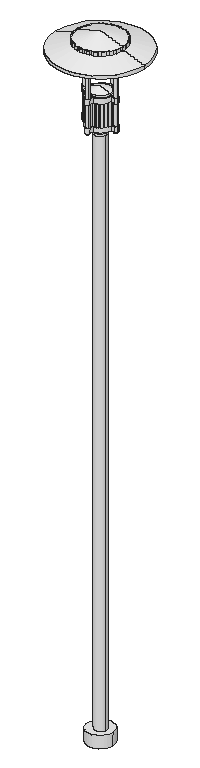
Revit family "BNS1", category Lighting Fixtures, Revit 2013
Parameters
  Wattage Comments = "60 LEDs, 66 W"  # constant formula
  Wattage = 12.1178 W
  built-in parameter 1150110 = 1 (stored number, unit not read)
  Voltage = 120 V
  URL = "http://www.kimlighting.com/"
  Type Comments = "Lighting Fixture"  # constant formula
  Total Pole Height = 192"
  built-in parameter 1114217 = 1 (stored number, unit not read)
  Tilt Angle = 90.00°
  built-in parameter 1150109 = 1 (stored number, unit not read)
  built-in parameter 1150134 = (empty or 0)
  built-in parameter 1150113 = 1 (stored number, unit not read)
  Series = "Bounce"  # constant formula
  Revision Date = "10/16/2017"  # constant formula
  Product Page URL = "http://www.kimlighting.com/products/bounce"
  Product Documentation Link = "http://www.kimlighting.com/content/products/specs/specs_files/kl_bns1eled_spec.pdf"
  Power Factor = 1  # constant formula
  Pole Visible = yes
  Photometric Web Link = "http://www.kimlighting.com/products/bounce"
  Photometric Web File = "bns1h1e35-60l4k.ies"
  Photometric Notes = "More IES files download on Photometric Web Link"  # constant formula
  OmniClass Title = "Street and Roadway Lighting"  # constant formula
  OmniClass Number = "23-80 70 14 21"  # constant formula
  Number of Poles = 1
  Note Visible = yes
  Note Text = "LF"  # constant formula
  Model = "BNS 1"  # constant formula
  MasterFormat Title = "Parking Lighting, Site Lighting, Walkway Lighting"  # constant formula
  MasterFormat Number = "26 56 16, 26 56 19, 26 56 29"  # constant formula
  Manufacturer Phone = "626-968-5666"  # constant formula
  Manufacturer Fax = "626-369-2695"  # constant formula
  Manufacturer = "Kim Lighting"  # constant formula
  Lumens = 1800 lm
  built-in parameter 1150115 = 1 (stored number, unit not read)
  built-in parameter 1150105 = -4998600 (stored number, unit not read)
  Load Classification = Lighting
  built-in parameter 1150137 = (empty or 0)
  built-in parameter 1150139 = (empty or 0)
  built-in parameter 1150112 = 1 (stored number, unit not read)
  built-in parameter 1150114 = 1 (stored number, unit not read)
  Lamp = "LED"  # constant formula
  Inside Material = Metal-Kim Lighting-Aluminum-Reflective
  Initial Lumens = 0 lm
  built-in parameter 1150132 = 2
  built-in parameter 1150102 = (empty or 0)
  built-in parameter 1150138 = (empty or 0)
  built-in parameter 1150107 = 3000 (stored number, unit not read)
  built-in parameter 1150106 = -49986 (stored number, unit not read)
  Housing Material = Metal-Kim Lighting-Aluminum Alloy
  Glass Material = Glass-Kim Lighting-Clear
  Full Load Current = 0 A
  Finish = "All colors shall be a Super TGIC thermoset polyester powder coat paint"
  Emit from Circle Diameter = 8"  # constant formula
  Emit Shape Visible in Rendering = no
  built-in parameter 1150104 = 13.8 (stored number, unit not read)
  Dimming Lamp Color Temperature Shift = <None>
  Description = "Site/ Roadway Luminaire"  # constant formula
  Color Filter = 16777215
  Pole Material = Metal-Kim Lighting-Aluminum Alloy
  built-in parameter 1114218 = 1 (stored number, unit not read)
  built-in parameter 1150133 = 10 (stored number, unit not read)
  Assembly Code = "D5020200"
  Apparent Load = 0 VA
Reference planes (in)
  plane 1 "Light Source Axis (F/B)": y = 0
  plane 2 "Bottom": z = 0
  plane 3 "Light Source Axis (L/R)": x = 0
  plane 4 "Light Source Elevation": z = 215.25
  plane 5: z = 195
  plane 6: z = 202.5
  plane 7 "Bottom of Head": z = 192
  plane 8 "1": x = -6.5
  plane 9: x = 0
  plane 10: x = 0
  plane 11: x = 0
  plane 12: y = 0
  plane 13: x = 6.5
  plane 14 "Left": x = -15.5
  plane 15 "Right": x = 15.5
  plane 16: z = 216.5
  plane 17: x = -8
  plane 18: x = 8
  plane 19: z = 217.5
  plane 20 "Top": z = 220.68421
  plane 21: z = 205.5
  plane 22: z = 204
  plane 23: z = 193.5
  plane 24: x = -5.5
  plane 25: x = 5.5
  plane 26: x = -2.5
  plane 27: x = 2.5
  plane 28: z = 193
  plane 29: z = 192.75
  plane 30: z = 204.42994
  plane 31: z = 214.5
  plane 32: y = 5.5
  plane 33: y = -5.5
  plane 34: z = 216
  plane 35: z = 219.67105
  plane 36: z = 215.25
Forms (in)
  Revolve 1, solid, material "Metal-Kim Lighting-Aluminum Alloy" <- "Housing Material", detail levels medium+fine
    sketch origin (0, 0, 152) x (1, 0, 0) y (0, 0, 1)
      loop
        line (0, 71) -> (-8, 68.68421) -> (-8, 67.67105) -> (-15.5, 65.5) -> (-15.5, 64.5) -> (-5.5, 64.5) -> (-5.5, 67.67105) -> (0, 67.67105) -> (0, 71)
      axis (0, 71) -> (0, 64.5)
    angle from 0 to 360
  Blend 2, solid, material "Metal-Kim Lighting-Aluminum Alloy" <- "Housing Material", detail levels medium+fine
    base sketch origin (-1.58884, -180, 193.5) x (0, -1, 0) y (1, 0, 0)
      loop
        line (-179.15738, -4.01169) -> (-179.15738, -2.83894)
        arc (-179.15738, -2.83894) -> (-176.78812, -1.59492) -> (-175.5441, 0.77434) r 4.5
        line (-175.5441, 0.77434) -> (-174.37135, 0.77434)
        arc (-174.37135, 0.77434) -> (-173.55863, 1.58706) -> (-174.37135, 2.39978) r 0.81272
        line (-174.37135, 2.39978) -> (-175.5441, 2.39978)
        arc (-175.5441, 2.39978) -> (-176.78812, 4.76904) -> (-179.15738, 6.01306) r 4.5
        line (-179.15738, 6.01306) -> (-179.15738, 7.18581)
        arc (-179.15738, 7.18581) -> (-179.9701, 7.99854) -> (-180.78282, 7.18581) r 0.81272
        line (-180.78282, 7.18581) -> (-180.78282, 6.01306)
        arc (-180.78282, 6.01306) -> (-183.15208, 4.76904) -> (-184.3961, 2.39978) r 4.5
        line (-184.3961, 2.39978) -> (-185.56885, 2.39978)
        arc (-185.56885, 2.39978) -> (-186.38036, 1.54255) -> (-185.47997, 0.77921) r 0.81272
        line (-185.47997, 0.77921) -> (-184.397, 0.77921)
        arc (-184.397, 0.77921) -> (-183.15383, -1.59317) -> (-180.78282, -2.83894) r 4.5
        line (-180.78282, -2.83894) -> (-180.78282, -4.01169)
        arc (-180.78282, -4.01169) -> (-179.9701, -4.82441) -> (-179.15738, -4.01169) r 0.81272
    top sketch origin (-1.58884, -180, 193.5) x (0, -1, 0) y (1, 0, 0)
      loop
        line (-179.15738, -4.01169) -> (-179.15738, -2.83894)
        arc (-179.15738, -2.83894) -> (-176.78812, -1.59492) -> (-175.5441, 0.77434) r 4.5
        line (-175.5441, 0.77434) -> (-174.37135, 0.77434)
        arc (-174.37135, 0.77434) -> (-173.55863, 1.58706) -> (-174.37135, 2.39978) r 0.81272
        line (-174.37135, 2.39978) -> (-175.5441, 2.39978)
        arc (-175.5441, 2.39978) -> (-176.78812, 4.76904) -> (-179.15738, 6.01306) r 4.5
        line (-179.15738, 6.01306) -> (-179.15738, 7.18581)
        arc (-179.15738, 7.18581) -> (-179.9701, 7.99854) -> (-180.78282, 7.18581) r 0.81272
        line (-180.78282, 7.18581) -> (-180.78282, 6.01306)
        arc (-180.78282, 6.01306) -> (-183.15208, 4.76904) -> (-184.3961, 2.39978) r 4.5
        line (-184.3961, 2.39978) -> (-185.56885, 2.39978)
        arc (-185.56885, 2.39978) -> (-186.38036, 1.54255) -> (-185.47997, 0.77921) r 0.81272
        line (-185.47997, 0.77921) -> (-184.397, 0.77921)
        arc (-184.397, 0.77921) -> (-183.15383, -1.59317) -> (-180.78282, -2.83894) r 4.5
        line (-180.78282, -2.83894) -> (-180.78282, -4.01169)
        arc (-180.78282, -4.01169) -> (-179.9701, -4.82441) -> (-179.15738, -4.01169) r 0.81272
    from 0 to 1.5
  Blend 3, solid, material "Metal-Kim Lighting-Aluminum Alloy" <- "Housing Material", detail levels medium+fine
    base sketch origin (-12.21521, -180, 202.5) x (-1, 0, 0) y (0, -1, 0)
      loop
        line (-6.61468, -179.15738) -> (-7.78744, -179.15738)
        arc (-7.78744, -179.15738) -> (-9.03146, -176.78812) -> (-11.40071, -175.5441) r 4.5
        line (-11.40071, -175.5441) -> (-11.40071, -174.37135)
        arc (-11.40071, -174.37135) -> (-12.21344, -173.55863) -> (-13.02616, -174.37135) r 0.81272
        line (-13.02616, -174.37135) -> (-13.02616, -175.5441)
        arc (-13.02616, -175.5441) -> (-15.39542, -176.78812) -> (-16.63944, -179.15738) r 4.5
        line (-16.63944, -179.15738) -> (-17.81219, -179.15738)
        arc (-17.81219, -179.15738) -> (-18.62491, -179.9701) -> (-17.81219, -180.78282) r 0.81272
        line (-17.81219, -180.78282) -> (-16.63944, -180.78282)
        arc (-16.63944, -180.78282) -> (-15.39542, -183.15208) -> (-13.02616, -184.3961) r 4.5
        line (-13.02616, -184.3961) -> (-13.02616, -185.56885)
        arc (-13.02616, -185.56885) -> (-12.16893, -186.38036) -> (-11.40559, -185.47997) r 0.81272
        line (-11.40559, -185.47997) -> (-11.40559, -184.397)
        arc (-11.40559, -184.397) -> (-9.03321, -183.15383) -> (-7.78744, -180.78282) r 4.5
        line (-7.78744, -180.78282) -> (-6.61468, -180.78282)
        arc (-6.61468, -180.78282) -> (-5.80196, -179.9701) -> (-6.61468, -179.15738) r 0.81272
    top sketch origin (-12.21521, -180, 202.5) x (-1, 0, 0) y (0, -1, 0)
      loop
        line (-6.61468, -179.15738) -> (-7.78744, -179.15738)
        arc (-7.78744, -179.15738) -> (-9.03146, -176.78812) -> (-11.40071, -175.5441) r 4.5
        line (-11.40071, -175.5441) -> (-11.40071, -174.37135)
        arc (-11.40071, -174.37135) -> (-12.21344, -173.55863) -> (-13.02616, -174.37135) r 0.81272
        line (-13.02616, -174.37135) -> (-13.02616, -175.5441)
        arc (-13.02616, -175.5441) -> (-15.39542, -176.78812) -> (-16.63944, -179.15738) r 4.5
        line (-16.63944, -179.15738) -> (-17.81219, -179.15738)
        arc (-17.81219, -179.15738) -> (-18.62491, -179.9701) -> (-17.81219, -180.78282) r 0.81272
        line (-17.81219, -180.78282) -> (-16.63944, -180.78282)
        arc (-16.63944, -180.78282) -> (-15.39542, -183.15208) -> (-13.02616, -184.3961) r 4.5
        line (-13.02616, -184.3961) -> (-13.02616, -185.56885)
        arc (-13.02616, -185.56885) -> (-12.16893, -186.38036) -> (-11.40559, -185.47997) r 0.81272
        line (-11.40559, -185.47997) -> (-11.40559, -184.397)
        arc (-11.40559, -184.397) -> (-9.03321, -183.15383) -> (-7.78744, -180.78282) r 4.5
        line (-7.78744, -180.78282) -> (-6.61468, -180.78282)
        arc (-6.61468, -180.78282) -> (-5.80196, -179.9701) -> (-6.61468, -179.15738) r 0.81272
    from 0 to 1.5
  Revolve 4, solid, material "Metal-Kim Lighting-Aluminum Alloy" <- "Housing Material", detail levels medium+fine
    sketch origin (0, 0, 0) x (1, 0, 0) y (0, 0, 1)
      loop
        line (0, 205.5) -> (-3.5, 204.42994) -> (-3.5, 204) -> (-4.25, 204) -> (-4.25, 193.5) -> (-3.5, 193.5) -> (-3.5, 193) -> (-2.5, 192.75) -> (-2.5, 192) -> (0, 192) -> (0, 205.5)
      axis (0, 205.5) -> (0, 192)
    angle from 0 to 360
  Revolve 5, solid, material "Metal-Kim Lighting-Aluminum Alloy" <- "Housing Material"
    sketch origin (0, 0, 0) x (1, 0, 0) y (0, 0, 1)
      loop
        line (-5.5, 216) -> (-6.41325, 216) -> (-6.41325, 214.5) -> (-6, 214.5) -> (-6, 193) -> (-5.5, 193) -> (-5.5, 216)
      axis (-5.5, 216) -> (-5.5, 193)
    angle from 0 to 360
  Revolve 6, solid, material "Metal-Kim Lighting-Aluminum Alloy" <- "Housing Material"
    sketch origin (11, 0, 0) x (1, 0, 0) y (0, 0, 1)
      loop
        line (-5.5, 216) -> (-6.41325, 216) -> (-6.41325, 214.5) -> (-6, 214.5) -> (-6, 193) -> (-5.5, 193) -> (-5.5, 216)
      axis (-5.5, 216) -> (-5.5, 193)
    angle from 0 to 360
  Revolve 7, solid, material "Metal-Kim Lighting-Aluminum Alloy" <- "Housing Material"
    sketch origin (-7.03767, 5.5, 48) x (-1, 0, 0) y (0, 0, 1)
      loop
        line (-7.03767, 168) -> (-7.03767, 145) -> (-6.53767, 145) -> (-6.53767, 166.5) -> (-6.12442, 166.5) -> (-6.12442, 168) -> (-7.03767, 168)
      axis (-7.03767, 168) -> (-7.03767, 145)
    angle from 0 to 360
  Revolve 8, solid, material "Metal-Kim Lighting-Aluminum Alloy" <- "Housing Material"
    sketch origin (-7.03767, -5.5, 48) x (-1, 0, 0) y (0, 0, 1)
      loop
        line (-7.03767, 168) -> (-7.03767, 145) -> (-6.53767, 145) -> (-6.53767, 166.5) -> (-6.12442, 166.5) -> (-6.12442, 168) -> (-7.03767, 168)
      axis (-7.03767, 168) -> (-7.03767, 145)
    angle from 0 to 360
  Revolve 9, solid, material "Metal-Kim Lighting-Aluminum Alloy" <- "Housing Material", detail levels medium+fine
    sketch origin (0, 0, 0) x (1, 0, 0) y (0, 0, 1)
      loop
        line (4.43334, 216.5) -> (4.43334, 216) -> (8, 216) -> (8, 216.5) -> (4.43334, 216.5)
      axis (0, 216.5) -> (0, 216)
    angle from 0 to 360
  Revolve 10, solid, material "Metal-Kim Lighting-Aluminum-Reflective" <- "Inside Material", detail levels fine
    sketch origin (-0.45062, -0.20767, 14.13481) x (1, 0, 0) y (0, 0, 1)
      loop
        line (0.45062, 206.31438) -> (1.96822, 206.31438) -> (2.47825, 205.26912) -> (3.92917, 205.26912) -> (4.90533, 204.29344) -> (4.90533, 202.36519) -> (5.95062, 202.36519) -> (5.95062, 202.46675) -> (5.00689, 202.46675) -> (5.00689, 204.34172) -> (3.95686, 205.39124) -> (2.56978, 205.39124) -> (2.06978, 206.41594) -> (0.45062, 206.41594) -> (0.45062, 206.31438)
      axis (0.45062, 206.41594) -> (0.45062, 202.36519)
    angle from 0 to 360
  Revolve 11, solid, material "Metal-Kim Lighting-Aluminum-Reflective" <- "Inside Material", not visible, detail levels fine
    sketch origin (-0.37069, -0.20767, 13.47767) x (1, 0, 0) y (0, 0, 1)
      loop
        line (0.37069, 206.97153) -> (3.47874, 206.97153) -> (3.65238, 206.67077) -> (4.50625, 206.67077) -> (5.76251, 203.02233) -> (5.86992, 203.02233) -> (4.57869, 206.77233) -> (3.71102, 206.77233) -> (3.53738, 207.07309) -> (0.37069, 207.07309) -> (0.37069, 206.97153)
      axis (0.37069, 207.07309) -> (0.37069, 203.02233)
    angle from 0 to 360
  Revolve 12, solid, material "Glass-Kim Lighting-Clear" <- "Glass Material", not visible, detail levels medium+fine
    sketch origin (0, 0, 0) x (1, 0, 0) y (0, 0, 1)
      loop
        line (0, 216.25) -> (-4.43334, 216.25) -> (-4.43334, 216) -> (0, 216) -> (0, 216.25)
      axis (0, 216.25) -> (0, 216)
    angle from 0 to 360
  Revolve 13, solid, material "Metal-Kim Lighting-Aluminum Alloy" <- "Housing Material", detail levels coarse
    sketch origin (0, 0, 0) x (1, 0, 0) y (0, 0, 1)
      loop
        line (0, 223) -> (-15.5, 216.5) -> (0, 216.5) -> (0, 223)
      axis (0, 223) -> (0, 216.5)
    angle from 0 to 360
  Revolve 14, solid, material "Metal-Kim Lighting-Aluminum Alloy" <- "Housing Material", detail levels coarse
    sketch origin (0, 0, 0) x (1, 0, 0) y (0, 0, 1)
      loop
        line (-5.5, 204) -> (-5.5, 193.5) -> (-2.5, 193.5) -> (-2.5, 192) -> (0, 192) -> (0, 204) -> (-5.5, 204)
      axis (0, 204) -> (0, 192)
    angle from 0 to 360
  Extrusion 15, solid, material "Metal-Kim Lighting-Aluminum Alloy" <- "Housing Material", detail levels fine
    sketch origin (-2.875, -180, 195) x (0, -1, 0) y (-1, 0, 0)
      loop
        line (-184.30234, -2.58591) -> (-184.5, -2.58591) -> (-184.5, -3.16409) -> (-184.30234, -3.16409) -> (-184.23056, -3.70929) -> (-184.42149, -3.76045) -> (-184.27184, -4.31893) -> (-184.08092, -4.26777) -> (-183.87048, -4.77581) -> (-184.04166, -4.87464) -> (-183.75257, -5.37536) -> (-183.58139, -5.27653) -> (-183.24663, -5.71279) -> (-183.3864, -5.85256) -> (-182.97756, -6.2614) -> (-182.83779, -6.12163) -> (-182.40153, -6.45639) -> (-182.50036, -6.62757) -> (-181.99964, -6.91666) -> (-181.90081, -6.74548) -> (-181.39277, -6.95592) -> (-181.44393, -7.14684) -> (-180.88545, -7.29649) -> (-180.83429, -7.10556) -> (-180.28909, -7.17734) -> (-180.28909, -7.375) -> (-179.71091, -7.375) -> (-179.71091, -7.17734) -> (-179.16442, -7.1104) -> (-179.11455, -7.29649) -> (-178.55607, -7.14684) -> (-178.60723, -6.95592) -> (-178.09919, -6.74548) -> (-178.00036, -6.91666) -> (-177.49964, -6.62757) -> (-177.59847, -6.45639) -> (-177.16221, -6.12163) -> (-177.02244, -6.2614) -> (-176.6136, -5.85256) -> (-176.75337, -5.71279) -> (-176.41861, -5.27653) -> (-176.24743, -5.37536) -> (-175.95834, -4.87464) -> (-176.12952, -4.77581) -> (-175.91908, -4.26777) -> (-175.72816, -4.31893) -> (-175.57851, -3.76045) -> (-175.76944, -3.70929) -> (-175.69766, -3.16409) -> (-175.5, -3.16409) -> (-175.5, -2.58591) -> (-175.69766, -2.58591) -> (-175.76944, -2.04071) -> (-175.57851, -1.98955) -> (-175.72816, -1.43107) -> (-175.91908, -1.48223) -> (-176.12952, -0.97419) -> (-175.95834, -0.87536) -> (-176.24743, -0.37464) -> (-176.41861, -0.47347) -> (-176.75337, -0.03721) -> (-176.6136, 0.10256) -> (-177.02244, 0.5114) -> (-177.16221, 0.37163) -> (-177.59847, 0.70639) -> (-177.49964, 0.87757) -> (-178.00036, 1.16666) -> (-178.09919, 0.99548) -> (-178.60723, 1.20592) -> (-178.55607, 1.39684) -> (-179.11455, 1.54649) -> (-179.16571, 1.35556) -> (-179.71091, 1.42734) -> (-179.71091, 1.625) -> (-180.28909, 1.625) -> (-180.28909, 1.42734) -> (-180.83429, 1.35556) -> (-180.88545, 1.54649) -> (-181.44393, 1.39684) -> (-181.39277, 1.20592) -> (-181.90081, 0.99548) -> (-181.99964, 1.16666) -> (-182.50036, 0.87757) -> (-182.40153, 0.70639) -> (-182.83779, 0.37163) -> (-182.97756, 0.5114) -> (-183.3864, 0.10256) -> (-183.24663, -0.03721) -> (-183.58139, -0.47347) -> (-183.75257, -0.37464) -> (-184.04166, -0.87536) -> (-183.87048, -0.97419) -> (-184.08092, -1.48223) -> (-184.27184, -1.43107) -> (-184.42149, -1.98955) -> (-184.23056, -2.04071) -> (-184.30234, -2.58591)
    from 0 to -7.5
  Extrusion 16, solid, material "Metal-Kim Lighting-Aluminum Alloy" <- "Housing Material", detail levels fine
    sketch origin (0, 31.00597, 219.67105) x (0, 1, 0) y (-1, 0, 0)
      loop
        line (-23.2104, 0.52381) -> (-23.34046, 1.51168) -> (-22.99451, 1.60437) -> (-23.26565, 2.6163) -> (-23.6116, 2.52361) -> (-23.99291, 3.44415) -> (-23.68273, 3.62322) -> (-24.20655, 4.5305) -> (-24.51672, 4.35142) -> (-25.12328, 5.1419) -> (-24.87003, 5.39516) -> (-25.61081, 6.13594) -> (-25.86406, 5.88269) -> (-26.65455, 6.48925) -> (-26.47547, 6.79942) -> (-27.38275, 7.32323) -> (-27.56182, 7.01306) -> (-28.48236, 7.39436) -> (-28.38967, 7.74032) -> (-29.4016, 8.01146) -> (-29.49429, 7.66551) -> (-30.48216, 7.79556) -> (-30.48216, 8.15372) -> (-31.52978, 8.15372) -> (-31.52978, 7.79556) -> (-32.51764, 7.66551) -> (-32.61034, 8.01146) -> (-33.62227, 7.74032) -> (-33.52957, 7.39436) -> (-34.45012, 7.01306) -> (-34.62919, 7.32323) -> (-35.53646, 6.79942) -> (-35.35739, 6.48925) -> (-36.14787, 5.88269) -> (-36.40113, 6.13594) -> (-37.14191, 5.39516) -> (-36.88866, 5.1419) -> (-37.49522, 4.35142) -> (-37.80539, 4.5305) -> (-38.3292, 3.62322) -> (-38.01903, 3.44415) -> (-38.40033, 2.52361) -> (-38.74628, 2.6163) -> (-39.01743, 1.60437) -> (-38.67148, 1.51168) -> (-38.80153, 0.52381) -> (-39.15969, 0.52381) -> (-39.15969, -0.52381) -> (-38.80153, -0.52381) -> (-38.67148, -1.51168) -> (-39.01743, -1.60437) -> (-38.74628, -2.6163) -> (-38.40033, -2.52361) -> (-38.01903, -3.44415) -> (-38.3292, -3.62322) -> (-37.80539, -4.5305) -> (-37.49522, -4.35142) -> (-36.88866, -5.1419) -> (-37.14191, -5.39516) -> (-36.40113, -6.13594) -> (-36.14787, -5.88269) -> (-35.35739, -6.48925) -> (-35.53646, -6.79942) -> (-34.62919, -7.32323) -> (-34.45012, -7.01306) -> (-33.52957, -7.39436) -> (-33.62227, -7.74032) -> (-32.61034, -8.01146) -> (-32.51999, -7.67427) -> (-31.52978, -7.79556) -> (-31.52978, -8.15372) -> (-30.48216, -8.15372) -> (-30.48216, -7.79556) -> (-29.49429, -7.66551) -> (-29.4016, -8.01146) -> (-28.38967, -7.74032) -> (-28.48236, -7.39436) -> (-27.56182, -7.01306) -> (-27.38275, -7.32323) -> (-26.47547, -6.79942) -> (-26.65455, -6.48925) -> (-25.86406, -5.88269) -> (-25.61081, -6.13594) -> (-24.87003, -5.39516) -> (-25.12328, -5.1419) -> (-24.51672, -4.35142) -> (-24.20655, -4.5305) -> (-23.68273, -3.62322) -> (-23.99291, -3.44415) -> (-23.6116, -2.52361) -> (-23.26565, -2.6163) -> (-22.99451, -1.60437) -> (-23.34046, -1.51168) -> (-23.2104, -0.52381) -> (-22.85225, -0.52381) -> (-22.85225, 0.52381) -> (-23.2104, 0.52381)
    from 0 to 1.01316
Lines and regions (in)
  symbolic lines
    curve 1: circle (0, 0, 0) r 15.5 normal (0, 0, 1)
  symbolic lines, detail levels coarse
    curve 2: line (-15.5, 0, 0) -> (15.5, 0, 0)
    curve 3: line (0, 15.5, 0) -> (0, -15.5, 0)
    curve 4: line (-5.5, 0, 192) -> (5.5, 0, 192)
    curve 5: line (0, 0, 223) -> (-15.5, 0, 216.5)
    curve 6: line (-15.5, 0, 216.5) -> (-5.5, 0, 192)
    curve 7: line (5.5, 0, 192) -> (15.5, 0, 216.5)
    curve 8: line (-15.5, 0, 216.5) -> (10.5, 0, 204.25)
    curve 9: line (15.5, 0, 216.5) -> (-10.5, 0, 204.25)
    curve 10: line (15.5, 0, 216.5) -> (0, 0, 223)
    curve 69: line (0, 0, 223) -> (0, 15.5, 216.5)
    curve 70: line (0, 15.5, 216.5) -> (0, 5.5, 192)
    curve 71: line (0, 5.5, 192) -> (0, -5.5, 192)
    curve 72: line (0, -5.5, 192) -> (0, -15.5, 216.5)
    curve 73: line (0, -15.5, 216.5) -> (0, 0, 223)
    curve 74: line (0, 15.5, 216.5) -> (0, -10.5, 204.25)
    curve 75: line (0, -15.5, 216.5) -> (0, 10.5, 204.25)
  symbolic lines, detail levels medium+fine
    curve 11: line (0, 0, 223) -> (-8, 0, 220.68421)
    curve 12: line (-8, 0, 220.68421) -> (-8, 0, 219.64516)
    curve 13: line (-8, 0, 219.64516) -> (-15.5, 0, 217.5)
    curve 14: line (-15.5, 0, 217.5) -> (-15.5, 0, 216.5)
    curve 15: line (-15.5, 0, 216.5) -> (-8, 0, 216.5)
    curve 16: line (15.5, 0, 216.5) -> (15.5, 0, 217.5)
    curve 17: line (15.5, 0, 217.5) -> (8, 0, 219.67105)
    curve 18: line (8, 0, 219.67105) -> (8, 0, 220.68421)
    curve 19: line (8, 0, 220.68421) -> (0, 0, 223)
    curve 20: line (-8, 0, 216.5) -> (-8, 0, 216)
    curve 21: line (-8.25, 0, 216) -> (8, 0, 216)
    curve 22: line (8, 0, 216) -> (8, 0, 216.5)
    curve 23: line (-6.41325, 0, 216) -> (-6.41325, 0, 214.5)
    curve 24: line (-6.41325, 0, 214.5) -> (-4.58675, 0, 214.5)
    curve 25: line (-4.58675, 0, 214.5) -> (-4.58675, 0, 216)
    curve 26: line (-0.91325, 0, 216) -> (-0.91325, 0, 214.5)
    curve 27: line (-0.91325, 0, 214.5) -> (0.91325, 0, 214.5)
    curve 28: line (0.91325, 0, 214.5) -> (0.91325, 0, 216)
    curve 29: line (4.58675, 0, 216) -> (4.58675, 0, 214.5)
    curve 30: line (4.58675, 0, 214.5) -> (6.41325, 0, 214.5)
    curve 31: line (6.41325, 0, 214.5) -> (6.41325, 0, 216)
    curve 32: line (-6, 0, 214.5) -> (-6, 0, 193)
    curve 33: line (-6, 0, 193) -> (-5, 0, 193)
    curve 34: line (-5, 0, 193) -> (-5, 0, 214.5)
    curve 35: line (-0.5, 0, 214.5) -> (-0.5, 0, 193)
    curve 36: line (-0.5, 0, 193) -> (0.5, 0, 193)
    curve 37: line (0.5, 0, 193) -> (0.5, 0, 214.5)
    curve 38: line (5, 0, 214.5) -> (5, 0, 193)
    curve 39: line (5, 0, 193) -> (6, 0, 193)
    curve 40: line (6, 0, 193) -> (6, 0, 214.5)
    curve 41: line (-6.41325, 0, 204) -> (6.4097, 0, 204)
    curve 42: line (-6.41325, 0, 202.5) -> (-6.41325, 0, 204)
    curve 43: line (6.4097, 0, 202.5) -> (-6.41325, 0, 202.5)
    curve 44: line (6.4097, 0, 204) -> (6.4097, 0, 202.5)
    curve 45: line (-6.41325, 0, 193.5) -> (-6.41325, 0, 195)
    curve 46: line (6.4097, 0, 193.5) -> (-6.41325, 0, 193.5)
    curve 47: line (6.4097, 0, 195) -> (6.4097, 0, 193.5)
    curve 48: line (-3.5, 0, 193.5) -> (-3.5, 0, 193)
    curve 49: line (-3.5, 0, 193) -> (-2.5, 0, 192.75)
    curve 50: line (-2.5, 0, 192.75) -> (-2.5, 0, 192)
    curve 51: line (-2.5, 0, 192) -> (2.5, 0, 192)
    curve 52: line (2.5, 0, 192) -> (2.5, 0, 192.75)
    curve 53: line (2.5, 0, 192.75) -> (3.5, 0, 193)
    curve 54: line (3.5, 0, 193) -> (3.5, 0, 193.5)
    curve 55: line (-4.23056, 0, 202.5) -> (-4.23056, 0, 195)
    curve 56: line (4.23056, 0, 202.5) -> (4.23056, 0, 195)
    curve 67: line (8, 0, 216.5) -> (15.5, 0, 216.5)
    curve 76: line (0, 0, 223) -> (0, 8.02839, 220.68421)
    curve 77: line (0, 8.02839, 220.68421) -> (0, 8.02839, 219.63326)
    curve 78: line (0, 8.02839, 219.63326) -> (0, 15.5, 217.5)
    curve 79: line (0, 15.5, 217.5) -> (0, 15.5, 216.5)
    curve 80: line (0, 15.5, 216.5) -> (0, 8, 216.5)
    curve 81: line (0, 8, 216.5) -> (0, 8, 216)
    curve 82: line (0, 8, 216) -> (0, -8, 216)
    curve 83: line (0, -8, 216) -> (0, -8, 216.5)
    curve 84: line (0, -8, 216.5) -> (0, -15.5, 216.5)
    curve 85: line (0, -15.5, 216.5) -> (0, -15.5, 217.5)
    curve 86: line (0, -15.5, 217.5) -> (0, -7.99149, 219.67105)
    curve 87: line (0, -7.99149, 219.67105) -> (0, -7.99149, 220.68421)
    curve 88: line (0, -7.99149, 220.68421) -> (0, 0, 223)
    curve 89: line (0, 6.41649, 216) -> (0, 6.41649, 214.5)
    curve 90: line (0, 6.41649, 214.5) -> (0, 4.58675, 214.5)
    curve 91: line (0, 4.58675, 214.5) -> (0, 4.58675, 216)
    curve 92: line (0, 5.99581, 214.5) -> (0, 5.99581, 193)
    curve 93: line (0, 5.99581, 193) -> (0, 5, 193)
    curve 94: line (0, 5, 193) -> (0, 5, 214.5)
    curve 95: line (0, 0.91117, 216) -> (0, 0.91117, 214.5)
    curve 96: line (0, 0.91117, 214.5) -> (0, -0.91325, 214.5)
    curve 97: line (0, -0.91325, 214.5) -> (0, -0.91325, 216)
    curve 98: line (0, 0.50491, 214.5) -> (0, 0.50491, 193)
    curve 99: line (0, 0.50491, 193) -> (0, -0.5, 193)
    curve 100: line (0, -0.5, 193) -> (0, -0.5, 214.5)
    curve 101: line (0, -4.5834, 216) -> (0, -4.5834, 214.5)
    curve 102: line (0, -4.5834, 214.5) -> (0, -6.41126, 214.5)
    curve 103: line (0, -6.41126, 214.5) -> (0, -6.41126, 216)
    curve 104: line (0, -4.99965, 214.5) -> (0, -4.99965, 193)
    curve 105: line (0, -4.99965, 193) -> (0, -6, 193)
    curve 106: line (0, -6, 193) -> (0, -6, 214.5)
    curve 107: line (0, 6.38158, 204) -> (0, -6.44137, 204)
    curve 108: line (0, 6.38158, 202.5) -> (0, 6.38158, 204)
    curve 109: line (0, -6.44137, 202.5) -> (0, 6.38158, 202.5)
    curve 110: line (0, -6.44137, 204) -> (0, -6.44137, 202.5)
    curve 111: line (0, 6.38158, 195) -> (0, -6.44137, 195)
    curve 112: line (0, 6.38158, 193.5) -> (0, 6.38158, 195)
    curve 113: line (0, -6.44137, 193.5) -> (0, 6.38158, 193.5)
    curve 114: line (0, -6.44137, 195) -> (0, -6.44137, 193.5)
    curve 115: line (0, 4.30234, 202.5) -> (0, 4.30234, 195)
    curve 116: line (0, -4.42149, 202.5) -> (0, -4.42149, 195)
    curve 117: line (0, 3.5, 193.5) -> (0, 3.5, 193)
    curve 118: line (0, 3.5, 193) -> (0, 2.5, 192.75)
    curve 119: line (0, 2.5, 192.75) -> (0, 2.5, 192)
    curve 120: line (0, 2.5, 192) -> (0, -2.5, 192)
    curve 121: line (0, -2.5, 192) -> (0, -2.5, 192.75)
    curve 122: line (0, -2.5, 192.75) -> (0, -3.5, 193)
    curve 123: line (0, -3.5, 193) -> (0, -3.5, 193.5)
    curve 129: circle (0, 0, 0) r 8 normal (0, 0, 1)
    curve 134: line (6.4097, 0, 195) -> (-6.41325, 0, 195)
  symbolic lines, detail levels fine
    curve 57: line (-3.5, 0, 204) -> (-3.5, 0, 204.42994)
    curve 58: line (-3.5, 0, 204.42994) -> (-0.5, 0, 205.34713)
    curve 59: line (-3.5, 0, 204.42994) -> (-0.5, 0, 204.42994)
    curve 60: line (3.5, 0, 204) -> (3.5, 0, 204.42994)
    curve 61: line (3.5, 0, 204.42994) -> (0.5, 0, 205.34713)
    curve 62: line (3.5, 0, 204.42994) -> (0.5, 0, 204.42994)
    curve 63: line (-3.5, 0, 193) -> (3.5, 0, 193)
    curve 64: line (-15.5, 0, 217.5) -> (15.5, 0, 217.5)
    curve 65: line (-8, 0, 219.64516) -> (8, 0, 219.64516)
    curve 66: line (-8, 0, 220.68421) -> (8, 0, 220.68421)
    curve 68: line (-8, 0, 216.5) -> (8, 0, 216.5)
    curve 124: line (0, 8.02839, 220.68421) -> (0, -7.99149, 220.68421)
    curve 125: line (0, -7.99149, 219.67105) -> (0, 8.00851, 219.67105)
    curve 126: line (0, 15.5, 217.5) -> (0, -15.5, 217.5)
    curve 127: line (0, 8, 216.5) -> (0, -8, 216.5)
    curve 128: line (0, 3.5, 193) -> (0, -3.5, 193)
    curve 130: circle (-5.5, 0, 0) r 0.91325 normal (0, 0, 1)
    curve 131: circle (0, 5.5, 0) r 0.91325 normal (0, 0, 1)
    curve 132: circle (5.5, 0, 0) r 0.91325 normal (0, 0, 1)
    curve 133: circle (0, -5.5, 0) r 0.91325 normal (0, 0, 1)
Dimensions and locks (in)
  plane 8 "1" to Revolve 14 sketch curve = 1"
  equal spacing: plane 14 "Left", plane 3 "Light Source Axis (L/R)", plane 15 "Right"
  locked: plane 14 "Left" to plane 15 "Right" at 31
  plane 17 to plane 3 "Light Source Axis (L/R)" to plane 18 = 8" locked, 8" locked
  plane 8 "1" to plane 3 "Light Source Axis (L/R)" to plane 13 = 6 1/2" locked, 6 1/2" locked
  plane 24 to plane 3 "Light Source Axis (L/R)" to plane 25 = 5 1/2" locked, 5 1/2" locked
  plane 26 to plane 3 "Light Source Axis (L/R)" to plane 27 = 2 1/2" locked, 2 1/2" locked
  plane 32 to plane 1 "Light Source Axis (F/B)" to plane 33 = 5 1/2" locked, 5 1/2" locked
  locked: plane 36 to plane 7 "Bottom of Head" at 23.25
  locked: plane 16 to plane 7 "Bottom of Head" at 24.5
  locked: plane 20 "Top" to plane 7 "Bottom of Head" at 28.68421
  "Total Pole Height": plane 7 "Bottom of Head" to plane 2 "Bottom"
  locked: plane 29 to plane 7 "Bottom of Head" at 0.75
  locked: plane 28 to plane 7 "Bottom of Head" at 1
  locked: plane 23 to plane 7 "Bottom of Head" at 1.5
  locked: plane 6 to plane 7 "Bottom of Head" at 10.5
  locked: plane 34 to plane 7 "Bottom of Head" at 24
  locked: plane 5 to plane 7 "Bottom of Head" at 3
  locked: plane 19 to plane 7 "Bottom of Head" at 25.5
  locked: plane 35 to plane 7 "Bottom of Head" at 27.67105
  locked: plane 22 to plane 7 "Bottom of Head" at 12
  locked: plane 30 to plane 7 "Bottom of Head" at 12.42994
  locked: plane 21 to plane 7 "Bottom of Head" at 13.5
  locked: plane 31 to plane 7 "Bottom of Head" at 22.5
  aligned and locked: plane 4 "Light Source Elevation" to imposter light
  aligned and locked: plane 11 to nested 1
  aligned and locked: Revolve 1 sketch curve to plane 24
  aligned and locked: plane 17 to Revolve 1 sketch curve
  aligned and locked: plane 20 "Top" to Revolve 1
  aligned and locked: plane 20 "Top" to Revolve 1 sketch curve
  aligned and locked: plane 35 to Revolve 1
  aligned and locked: Revolve 9 sketch curve to plane 18
  aligned and locked: plane 16 to Revolve 13 sketch curve  (x2)
  aligned and locked: plane 14 "Left" to Revolve 13 sketch curve
  aligned and locked: Revolve 13 sketch curve to plane 11
  aligned and locked: Revolve 13 sketch curve to Revolve 13 sketch curve  (x3)
  aligned and locked: plane 11 to Revolve 14 sketch curve
  aligned and locked: Revolve 14 sketch curve to plane 22
  aligned and locked: plane 23 to Revolve 14 sketch curve
  aligned and locked: Revolve 14 sketch curve to plane 26
  aligned and locked: plane 7 "Bottom of Head" to Revolve 14 sketch curve
  aligned and locked: Revolve 14 sketch curve to Revolve 14 sketch curve
  aligned and locked: Revolve 1 sketch curve to plane 16
  aligned and locked: Revolve 9 sketch curve to plane 16
  aligned and locked: plane 34 to Revolve 9 sketch curve
  aligned and locked: plane 34 to Revolve 8 sketch curve  (x2)
  aligned and locked: Revolve 8 sketch curve to plane 31
  aligned and locked: plane 28 to Revolve 8 sketch curve  (x2)
  aligned and locked: plane 34 to Revolve 7 sketch curve
  aligned and locked: Revolve 7 sketch curve to plane 31
  aligned and locked: plane 28 to Revolve 7 sketch curve
  aligned and locked: plane 34 to Revolve 5 sketch curve
  aligned and locked: Revolve 5 sketch curve to plane 31
  aligned and locked: plane 28 to Revolve 5 sketch curve
  aligned and locked: plane 34 to Revolve 6 sketch curve
  aligned and locked: Revolve 6 sketch curve to plane 31
  aligned and locked: plane 28 to Revolve 6 sketch curve
  aligned and locked: plane 22 to Revolve 4 sketch curve
  aligned and locked: plane 30 to Revolve 4 sketch curve
  aligned and locked: plane 21 to Revolve 4 sketch curve
  aligned and locked: plane 23 to Revolve 4 sketch curve
  aligned and locked: plane 28 to Revolve 4 sketch curve
  aligned and locked: plane 29 to Revolve 4 sketch curve
  aligned and locked: plane 7 "Bottom of Head" to Revolve 4 sketch curve
  aligned and locked: Revolve 4 sketch curve to plane 26
  aligned and locked: plane 11 to Revolve 4 sketch curve
  aligned and locked: curve 2 to Revolve 1
  aligned and locked: curve 3 to plane 3 "Light Source Axis (L/R)"
  aligned and locked: curve 33 to Revolve 5
  aligned and locked: curve 24 to plane 31
  aligned and locked: curve 27 to plane 31
  aligned and locked: curve 30 to plane 31
  aligned and locked: curve 39 to Revolve 6
  aligned and locked: curve 41 to Blend 3
  aligned and locked: Blend 3 to curve 44
  aligned and locked: Blend 2 to curve 47
  aligned and locked: curve 64 to Revolve 1
  aligned and locked: curve 68 to plane 16
  aligned and locked: curve 71 to plane 7 "Bottom of Head"
  aligned and locked: Revolve 1 to curve 72
  aligned and locked: Revolve 9 to curve 84
  aligned and locked: plane 31 to curve 90
  aligned and locked: Revolve 7 to curve 93
  aligned and locked: plane 31 to curve 96
  aligned and locked: curve 104 to Revolve 8
  aligned and locked: curve 107 to Blend 3
  aligned and locked: curve 110 to Blend 3
  aligned and locked: curve 111 to Blend 2
  aligned and locked: curve 114 to Blend 2
  aligned and locked: curve 71 to curve 120
  aligned and locked: curve 128 to plane 28
  aligned and locked: plane 7 "Bottom of Head" to Revolve 14  (x2)
  aligned and locked: plane 7 "Bottom of Head" to Revolve 4
  aligned and locked: plane 4 "Light Source Elevation" to plane 36
  aligned and locked: plane 36 to imposter light
  aligned and locked: plane 3 "Light Source Axis (L/R)" to nested 2
  aligned and locked: plane 1 "Light Source Axis (F/B)" to nested 2
  aligned and locked: Revolve 1 sketch curve to plane 35
  aligned and locked: curve 134 to Blend 2
Automatic sketch dimensions
  curve 71 to plane 7 "Bottom of Head" = 0"
  curve 71 to plane 33 = 0"
  curve 121 to plane 29 = 0"
  curve 100 to plane 28 = 0"
  curve 76 to plane 1 "Light Source Axis (F/B)" = 0"
  curve 119 to plane 29 = 0"
  curve 71 to plane 32 = 0"
  plane 33 to curve 106 = 1/2"
  curve 102 to curve 106 = 0.41126"
  plane 33 to curve 107 = 0.94137"
  plane 33 to curve 111 = 0.94137"
  plane 33 to curve 87 = 2.49149"
  curve 82 to curve 103 = 1.58874"
  curve 74 to plane 30 = 0.17994"
  curve 74 to curve 107 = 4.05863"
  curve 104 to plane 33 = 0.50035"
  curve 101 to plane 33 = 0.9166"
  curve 116 to plane 33 = 1.07851"
  curve 104 to curve 122 = 1.49965"
  curve 122 to curve 120 = 1"
  plane 1 "Light Source Axis (F/B)" to curve 96 = 0.91325"
  curve 96 to curve 100 = 0.41325"
  curve 98 to plane 1 "Light Source Axis (F/B)" = 0.50491"
  curve 98 to curve 95 = 13/32"
  curve 98 to curve 120 = 1.99509"
  curve 119 to curve 120 = 0"
  curve 118 to curve 128 = 1"
  curve 115 to plane 32 = 1.19766"
  curve 91 to plane 32 = 0.91325"
  curve 94 to plane 32 = 1/2"
  plane 32 to curve 92 = 0.49581"
  curve 92 to curve 112 = 0.38577"
  plane 32 to curve 108 = 0.88158"
  plane 32 to curve 89 = 0.91649"
  curve 89 to curve 81 = 1.58351"
  plane 32 to curve 125 = 2.50851"
  curve 125 to curve 76 = 0.01988"
  curve 75 to plane 30 = 0.17994"
  curve 107 to curve 75 = 4.11842"
  curve 78 to plane 35 = 0.0378"
  curve 1 to curve 129 = 0"  (x2)
  curve 2 to plane 14 "Left" = 0"
  curve 130 to plane 1 "Light Source Axis (F/B)" = 0"
  curve 130 to plane 24 = 0"
  curve 129 to plane 1 "Light Source Axis (F/B)" = 0"
  curve 129 to plane 3 "Light Source Axis (L/R)" = 0"
  curve 131 to plane 3 "Light Source Axis (L/R)" = 0"
  curve 133 to plane 3 "Light Source Axis (L/R)" = 0"
  curve 132 to plane 1 "Light Source Axis (F/B)" = 0"
  curve 132 to plane 25 = 0"
  curve 133 to plane 33 = 0"
  curve 131 to plane 32 = 0"
  Revolve 4 sketch curve to plane 3 "Light Source Axis (L/R)" = 0"
  Revolve 4 sketch curve to plane 7 "Bottom of Head" = 0"
  Revolve 4 sketch curve to plane 21 = 0"
  Revolve 4 sketch curve to plane 26 = 1"  (x2)
  Revolve 4 sketch curve to Revolve 4 sketch curve = 3/4"
  Revolve 5 sketch curve to plane 24 = 0"  (x2)
  Revolve 5 sketch curve to plane 28 = 0"
  Revolve 5 sketch curve to plane 16 = 0"
  plane 8 "1" to Revolve 5 sketch curve = 1/2"
  plane 8 "1" to Revolve 5 sketch curve = 0.08675"
  Revolve 6 sketch curve to plane 25 = 0"  (x2)
  Revolve 6 sketch curve to plane 28 = 0"
  Revolve 6 sketch curve to plane 16 = 0"
  Revolve 6 sketch curve to plane 25 = 1/2"
  Revolve 6 sketch curve to Revolve 6 sketch curve = 0.41325"
  Revolve 7 sketch curve to plane 3 "Light Source Axis (L/R)" = 0"  (x2)
  Revolve 7 sketch curve to plane 28 = 0"
  Revolve 7 sketch curve to plane 16 = 0"
  Revolve 7 sketch curve to Revolve 7 sketch curve = 1/2"
  Revolve 7 sketch curve to Revolve 7 sketch curve = 0.91325"
  Revolve 8 sketch curve to plane 3 "Light Source Axis (L/R)" = 0"  (x2)
  Revolve 8 sketch curve to plane 28 = 0"
  Revolve 8 sketch curve to plane 16 = 0"
  Revolve 8 sketch curve to Revolve 8 sketch curve = 1/2"
  Revolve 8 sketch curve to Revolve 8 sketch curve = 0.91325"
  Revolve 9 sketch curve to plane 3 "Light Source Axis (L/R)" = 0"
  Revolve 9 sketch curve to plane 34 = 0"
  Revolve 9 sketch curve to plane 16 = 0"
  Revolve 9 sketch curve to plane 25 = 1.06666"
  Revolve 10 sketch curve to plane 3 "Light Source Axis (L/R)" = 0"  (x2)
  Revolve 10 sketch curve to plane 16 = 0"
  Revolve 10 sketch curve to plane 25 = 0"
  Revolve 10 sketch curve to plane 20 "Top" = 0.23502"
  plane 27 to Revolve 10 sketch curve = 0.9824"
  Revolve 10 sketch curve to Revolve 10 sketch curve = 13/128"  (x3)
  plane 27 to Revolve 10 sketch curve = 0.47237"
  Revolve 10 sketch curve to plane 35 = 0.145"
  Revolve 10 sketch curve to Revolve 10 sketch curve = 0.09153"
  Revolve 10 sketch curve to plane 35 = 0.26712"
  Revolve 10 sketch curve to plane 27 = 0.97855"
  Revolve 10 sketch curve to Revolve 10 sketch curve = 0.02769"
  Revolve 10 sketch curve to plane 25 = 1.04529"
  Revolve 10 sketch curve to plane 34 = 0.5624"
  plane 16 to Revolve 10 sketch curve = 13/128"
  plane 19 to Revolve 10 sketch curve = 0.92825"
  Revolve 10 sketch curve to Revolve 10 sketch curve = 0.04828"
  plane 20 "Top" to Revolve 10 sketch curve = 0.31779"
  Revolve 11 sketch curve to plane 3 "Light Source Axis (L/R)" = 0"  (x2)
  Revolve 11 sketch curve to plane 16 = 0"
  Revolve 11 sketch curve to plane 20 "Top" = 0.23502"
  Revolve 11 sketch curve to plane 27 = 0.60805"
  Revolve 11 sketch curve to plane 20 "Top" = 0.13345"
  Revolve 11 sketch curve to Revolve 11 sketch curve = 0.05864"  (x2)
  Revolve 11 sketch curve to Revolve 11 sketch curve = 0.17364"
  plane 35 to Revolve 11 sketch curve = 0.47738"
  Revolve 11 sketch curve to Revolve 11 sketch curve = 0.79523"
  Revolve 11 sketch curve to plane 20 "Top" = 0.43421"
  Revolve 11 sketch curve to Revolve 11 sketch curve = 0.07244"
  Revolve 11 sketch curve to plane 25 = 0.10818"
  Revolve 11 sketch curve to plane 25 = 0.00077"
  plane 31 to Revolve 11 sketch curve = 0.28045"
  Revolve 11 sketch curve to Revolve 11 sketch curve = 0.10434"
  Revolve 12 sketch curve to plane 34 = 0"  (x2)
  Revolve 12 sketch curve to plane 3 "Light Source Axis (L/R)" = 0"  (x2)
  Revolve 12 sketch curve to plane 16 = 1/4"
  Revolve 12 sketch curve to plane 24 = 1.06666"
  Revolve 12 sketch curve to Revolve 12 sketch curve = 0"
  plane 20 "Top" to Revolve 13 sketch curve = 2.31579"
  Revolve 14 sketch curve to plane 24 = 0"
  Revolve 14 sketch curve to plane 7 "Bottom of Head" = 0"
  Revolve 14 sketch curve to plane 22 = 0"
  curve 126 to plane 19 = 0"
  curve 106 to plane 31 = 0"
  curve 83 to plane 34 = 0"
  curve 86 to plane 35 = 0"
  curve 124 to plane 20 "Top" = 0"
  Extrusion 15 sketch curve to plane 3 "Light Source Axis (L/R)" = 0.28909"  (x2)
  Extrusion 15 sketch curve to plane 32 = 1"
  Extrusion 15 sketch curve to Extrusion 15 sketch curve = 0.07851"  (x2)
  Extrusion 15 sketch curve to Extrusion 15 sketch curve = 0.19766"  (x5)
  Extrusion 15 sketch curve to Extrusion 15 sketch curve = 0.14964"  (x7)
  Extrusion 15 sketch curve to Extrusion 15 sketch curve = 0.19093"  (x9)
  plane 26 to Extrusion 15 sketch curve = 0.50036"
  Extrusion 15 sketch curve to Extrusion 15 sketch curve = 0.23018"  (x3)
  plane 27 to Extrusion 15 sketch curve = 0.50036"
  plane 27 to Extrusion 15 sketch curve = 0.59919"  (x2)
  Extrusion 15 sketch curve to Extrusion 15 sketch curve = 0.17118"  (x5)
  plane 26 to Extrusion 15 sketch curve = 0.59919"  (x2)
  Extrusion 15 sketch curve to plane 27 = 0.00036"  (x2)
  Extrusion 15 sketch curve to plane 26 = 0.00036"  (x2)
  plane 27 to Extrusion 15 sketch curve = 0.09847"  (x2)
  plane 26 to Extrusion 15 sketch curve = 0.09847"  (x2)
  Extrusion 15 sketch curve to plane 27 = 0.47756"
  Extrusion 15 sketch curve to Extrusion 15 sketch curve = 0.36617"  (x2)
  Extrusion 15 sketch curve to plane 26 = 0.47756"
  Extrusion 15 sketch curve to plane 27 = 0.33779"  (x2)
  Extrusion 15 sketch curve to Extrusion 15 sketch curve = 0.13977"  (x4)
  Extrusion 15 sketch curve to plane 26 = 0.33779"  (x2)
  Extrusion 15 sketch curve to plane 26 = 0.8864"  (x2)
  Extrusion 15 sketch curve to plane 27 = 0.8864"  (x2)
  Extrusion 15 sketch curve to plane 27 = 0.74663"  (x2)
  Extrusion 15 sketch curve to plane 26 = 0.74663"  (x2)
  Extrusion 15 sketch curve to Extrusion 15 sketch curve = 0.4772"  (x2)
  Extrusion 15 sketch curve to plane 26 = 1.08139"  (x2)
  Extrusion 15 sketch curve to Extrusion 15 sketch curve = 0.09883"  (x6)
  Extrusion 15 sketch curve to plane 27 = 1.08139"  (x2)
  Extrusion 15 sketch curve to Extrusion 15 sketch curve = 0.50072"  (x4)
  Extrusion 15 sketch curve to Extrusion 15 sketch curve = 0.55572"  (x4)
  Extrusion 15 sketch curve to Extrusion 15 sketch curve = 0.05116"  (x11)
  Extrusion 15 sketch curve to Extrusion 15 sketch curve = 0.55848"  (x3)
  Extrusion 15 sketch curve to plane 1 "Light Source Axis (F/B)" = 0.28909"  (x2)
  plane 1 "Light Source Axis (F/B)" to Extrusion 15 sketch curve = 0.28909"  (x2)
  Extrusion 15 sketch curve to Extrusion 15 sketch curve = 0.5452"  (x3)
  Extrusion 15 sketch curve to Extrusion 15 sketch curve = 0.54649"
  Extrusion 15 sketch curve to Extrusion 15 sketch curve = 0.04986"
  Extrusion 15 sketch curve to Extrusion 15 sketch curve = 0.55718"
  Extrusion 15 sketch curve to plane 24 = 1.22816"
  Extrusion 15 sketch curve to plane 25 = 1.22816"
  Extrusion 15 sketch curve to Extrusion 15 sketch curve = 0.50804"  (x2)
  Extrusion 15 sketch curve to plane 24 = 1.45834"
  Extrusion 15 sketch curve to plane 25 = 1.45834"
  Extrusion 15 sketch curve to plane 26 = 1.25257"
  Extrusion 15 sketch curve to plane 27 = 1.25257"
  Extrusion 15 sketch curve to Extrusion 15 sketch curve = 0.43627"  (x2)
  Extrusion 15 sketch curve to Extrusion 15 sketch curve = 0.40884"  (x2)
  Extrusion 15 sketch curve to Extrusion 15 sketch curve = 0.33476"  (x2)
  Extrusion 15 sketch curve to Extrusion 15 sketch curve = 0.28909"  (x2)
  Extrusion 15 sketch curve to Extrusion 15 sketch curve = 0.21044"  (x3)
  Extrusion 15 sketch curve to Extrusion 15 sketch curve = 0.07178"  (x3)
  Extrusion 15 sketch curve to Extrusion 15 sketch curve = 0.69046"
  Extrusion 15 sketch curve to Extrusion 15 sketch curve = 0.03049"
  Extrusion 15 sketch curve to Extrusion 15 sketch curve = 0"
  plane 3 "Light Source Axis (L/R)" to Extrusion 15 sketch curve = 0.28909"  (x2)
  Extrusion 15 sketch curve to Extrusion 15 sketch curve = 0.06694"
  Extrusion 16 sketch curve to plane 3 "Light Source Axis (L/R)" = 0.52381"  (x2)
  plane 33 to Extrusion 16 sketch curve = 2.65372"
  plane 27 to Extrusion 16 sketch curve = 0.89563"
  Extrusion 16 sketch curve to Extrusion 16 sketch curve = 0.14226"  (x2)
  plane 26 to Extrusion 16 sketch curve = 0.89563"
  Extrusion 16 sketch curve to Extrusion 16 sketch curve = 0.35815"  (x3)
  Extrusion 16 sketch curve to plane 27 = 0.1163"  (x2)
  Extrusion 16 sketch curve to Extrusion 16 sketch curve = 0.27115"  (x4)
  Extrusion 16 sketch curve to plane 26 = 0.1163"  (x2)
  plane 26 to Extrusion 16 sketch curve = 0.98832"  (x2)
  plane 27 to Extrusion 16 sketch curve = 0.98832"  (x2)
  Extrusion 16 sketch curve to plane 26 = 0.02361"  (x2)
  Extrusion 16 sketch curve to plane 27 = 0.02361"  (x2)
  Extrusion 16 sketch curve to Extrusion 16 sketch curve = 0.41708"  (x2)
  Extrusion 16 sketch curve to plane 27 = 0.94415"  (x2)
  Extrusion 16 sketch curve to Extrusion 16 sketch curve = 0.31017"  (x8)
  Extrusion 16 sketch curve to plane 26 = 0.94415"  (x2)
  Extrusion 16 sketch curve to Extrusion 16 sketch curve = 0.52381"  (x4)
  Extrusion 16 sketch curve to plane 24 = 0.10484"  (x2)
  plane 33 to Extrusion 16 sketch curve = 0.63594"  (x2)
  Extrusion 16 sketch curve to plane 25 = 0.10484"  (x2)
  Extrusion 16 sketch curve to Extrusion 16 sketch curve = 0.25325"  (x6)
  Extrusion 16 sketch curve to plane 33 = 0.10484"  (x2)
  Extrusion 16 sketch curve to plane 33 = 0.3581"  (x2)
  Extrusion 16 sketch curve to plane 8 "1" = 0.29942"
  Extrusion 16 sketch curve to plane 33 = 0.9695"  (x2)
  Extrusion 16 sketch curve to plane 13 = 0.29942"
  plane 8 "1" to Extrusion 16 sketch curve = 0.01075"  (x2)
  Extrusion 16 sketch curve to Extrusion 16 sketch curve = 0.17908"  (x5)
  plane 13 to Extrusion 16 sketch curve = 0.01075"  (x2)
  plane 18 to Extrusion 16 sketch curve = 0.67677"  (x2)
  plane 17 to Extrusion 16 sketch curve = 0.67677"  (x2)
  Extrusion 16 sketch curve to plane 13 = 0.51306"  (x2)
  Extrusion 16 sketch curve to plane 8 "1" = 0.51306"  (x2)
  plane 17 to Extrusion 16 sketch curve = 0.25968"
  Extrusion 16 sketch curve to Extrusion 16 sketch curve = 1.00692"  (x2)
  plane 18 to Extrusion 16 sketch curve = 0.25968"
  plane 17 to Extrusion 16 sketch curve = 0.60564"  (x2)
  Extrusion 16 sketch curve to Extrusion 16 sketch curve = 0.0927"  (x4)
  plane 18 to Extrusion 16 sketch curve = 0.60564"  (x2)
  Extrusion 16 sketch curve to plane 17 = 0.01146"  (x2)
  Extrusion 16 sketch curve to plane 18 = 0.01146"  (x2)
  plane 18 to Extrusion 16 sketch curve = 0.32573"
  plane 17 to Extrusion 16 sketch curve = 0.33449"  (x2)
  Extrusion 16 sketch curve to plane 18 = 0.15372"
  plane 1 "Light Source Axis (F/B)" to Extrusion 16 sketch curve = 0.52381"  (x2)
  Extrusion 16 sketch curve to plane 17 = 0.15372"
  Extrusion 16 sketch curve to plane 1 "Light Source Axis (F/B)" = 0.52381"  (x2)
  Extrusion 16 sketch curve to Extrusion 16 sketch curve = 0.98786"  (x2)
  plane 18 to Extrusion 16 sketch curve = 0.33449"
  Extrusion 16 sketch curve to Extrusion 16 sketch curve = 1.01193"  (x2)
  Extrusion 16 sketch curve to Extrusion 16 sketch curve = 0.92054"  (x2)
  Extrusion 16 sketch curve to Extrusion 16 sketch curve = 0.90727"  (x2)
  Extrusion 16 sketch curve to plane 32 = 0.3581"  (x2)
  Extrusion 16 sketch curve to plane 32 = 0.10484"  (x2)
  plane 32 to Extrusion 16 sketch curve = 0.38269"  (x2)
  plane 32 to Extrusion 16 sketch curve = 0.98925"  (x2)
  Extrusion 16 sketch curve to plane 26 = 1.12322"
  Extrusion 16 sketch curve to plane 27 = 1.12322"
  Extrusion 16 sketch curve to Extrusion 16 sketch curve = 0.3813"  (x2)
  Extrusion 16 sketch curve to Extrusion 16 sketch curve = 0.34595"  (x2)
  plane 3 "Light Source Axis (L/R)" to Extrusion 16 sketch curve = 0.52381"  (x2)
  Extrusion 16 sketch curve to Extrusion 16 sketch curve = 0.13005"  (x2)
  plane 18 to Extrusion 16 sketch curve = 0.20444"  (x2)
  plane 13 to Extrusion 16 sketch curve = 0.36406"  (x2)
  Extrusion 16 sketch curve to plane 25 = 0.9695"
  plane 17 to Extrusion 16 sketch curve = 0.20444"  (x2)
  Blend 2 sketch curve to Blend 2 sketch curve = 0"  (x24)
  plane 32 to Blend 2 sketch curve = 0.06885"  (x2)
  Blend 2 sketch curve to plane 32 = 0.02003"  (x2)
  Blend 2 sketch curve to Blend 2 sketch curve = 1.08297"  (x2)
  Blend 2 sketch curve to plane 32 = 1.1039"  (x2)
  plane 25 to Blend 2 sketch curve = 0.09698"  (x2)
  Blend 2 sketch curve to plane 1 "Light Source Axis (F/B)" = 0.78282"  (x4)
  plane 24 to Blend 2 sketch curve = 0.10053"  (x2)
  Blend 2 sketch curve to plane 3 "Light Source Axis (L/R)" = 0.00177"  (x6)
  plane 1 "Light Source Axis (F/B)" to Blend 2 sketch curve = 0.0299"  (x6)
  Blend 2 sketch curve to plane 33 = 1.0441"  (x4)
  plane 33 to Blend 2 sketch curve = 0.12865"  (x2)
  Blend 2 sketch curve to Blend 2 sketch curve = 1.17275"  (x4)
  Blend 3 sketch curve to Blend 3 sketch curve = 0"  (x24)
  plane 25 to Blend 3 sketch curve = 0.09698"  (x2)
  Blend 3 sketch curve to plane 25 = 1.07577"  (x4)
  plane 3 "Light Source Axis (L/R)" to Blend 3 sketch curve = 0.81095"  (x4)
  plane 32 to Blend 3 sketch curve = 0.06885"  (x2)
  Blend 3 sketch curve to plane 3 "Light Source Axis (L/R)" = 0.00177"  (x6)
  Blend 3 sketch curve to plane 32 = 0.02003"  (x2)
  Blend 3 sketch curve to plane 24 = 1.07223"  (x4)
  plane 24 to Blend 3 sketch curve = 0.10053"  (x2)
  Blend 3 sketch curve to Blend 3 sketch curve = 1.08297"  (x2)
  Blend 3 sketch curve to Blend 3 sketch curve = 1.17275"  (x2)
  Blend 3 sketch curve to plane 1 "Light Source Axis (F/B)" = 0.78282"  (x2)
  plane 1 "Light Source Axis (F/B)" to Blend 3 sketch curve = 0.0299"  (x4)
  plane 33 to Blend 3 sketch curve = 0.12865"  (x2)
  Revolve 1 sketch curve to plane 14 "Left" = 0"
  Revolve 1 sketch curve to plane 3 "Light Source Axis (L/R)" = 0"  (x2)
  Revolve 1 sketch curve to plane 19 = 0"
  Revolve 1 sketch curve to plane 35 = 0"
  plane 21 to Revolve 1 sketch curve = 1 1/2"
  plane 20 "Top" to Revolve 1 sketch curve = 2.31579"
  Revolve 1 sketch curve to Revolve 1 sketch curve = 8"
  curve 13 to plane 14 "Left" = 0"
  curve 21 to plane 34 = 0"
  curve 15 to plane 17 = 0"
  curve 65 to plane 17 = 0"
  curve 66 to plane 17 = 0"
  curve 6 to plane 7 "Bottom of Head" = 0"
  curve 6 to plane 24 = 0"
  curve 57 to plane 30 = 0"
  curve 63 to plane 28 = 0"
  curve 50 to plane 26 = 0"
  curve 36 to plane 28 = 0"
  curve 11 to plane 3 "Light Source Axis (L/R)" = 0"
  curve 62 to plane 30 = 0"
  curve 53 to plane 27 = 0"
  curve 4 to plane 25 = 0"
  curve 67 to plane 18 = 0"
  curve 17 to plane 18 = 0"
  curve 65 to plane 18 = 0"
  curve 51 to plane 7 "Bottom of Head" = 0"
  curve 52 to plane 29 = 0"
  curve 50 to plane 29 = 0"
  curve 17 to plane 35 = 0"
  curve 18 to plane 20 "Top" = 0"
  curve 9 to plane 30 = 0.17994"
  curve 21 to curve 20 = 1/4"
  plane 8 "1" to curve 43 = 0.08675"
  plane 8 "1" to curve 45 = 0.08675"
  plane 8 "1" to curve 23 = 0.08675"
  plane 8 "1" to curve 33 = 1/2"
  curve 34 to plane 24 = 1/2"
  curve 25 to plane 24 = 0.91325"
  curve 55 to plane 24 = 1.26944"
  curve 57 to plane 26 = 1"
  curve 48 to plane 26 = 1"
  curve 26 to plane 3 "Light Source Axis (L/R)" = 0.91325"
  curve 59 to plane 3 "Light Source Axis (L/R)" = 1/2"
  plane 3 "Light Source Axis (L/R)" to curve 62 = 1/2"
  curve 37 to curve 27 = 0.41325"
  curve 60 to plane 27 = 1"
  curve 63 to plane 27 = 1"
  curve 56 to plane 25 = 1.26944"
  curve 30 to plane 25 = 0.91325"
  curve 38 to plane 25 = 1/2"
  plane 13 to curve 39 = 1/2"
  plane 13 to curve 47 = 0.0903"
  plane 13 to curve 44 = 0.0903"
  plane 13 to curve 30 = 0.08675"
  curve 8 to plane 30 = 0.17994"
  curve 61 to plane 21 = 0.15287"
  curve 58 to plane 21 = 0.15287"
  curve 65 to curve 17 = 0.02589"
  radius of curve 129 = 8"
  radius of curve 130 = 0.91325"
  radius of curve 131 = 0.91325"
  radius of curve 132 = 0.91325"
  radius of curve 133 = 0.91325"
Nested families (in)
  nested 1: "Notation" at (0, 16.27566, 0), visible <- "Note Visible", type "Notation"
  nested 2: "Lighting_Fixture-Kim_Lighting-Post" at (0, 0, 0), visible <- "Pole Visible", type "Lighting_Fixture-Kim_Lighting-Post"
Connectors (in)
  electrical at (0, 0, 192), driven by "Power Factor", driven by "Apparent Load", driven by "Voltage", driven by "Number of Poles", driven by "Apparent Load", driven by "Load Classification"
    settings: on Revolve 4, index 1, voltage 120 V, apparent load 0 VA, apparent load phase1 0 VA, apparent load phase2 0 VA, apparent load phase3 0 VA, power factor 1, load classification "Lighting", number of poles 1, system type 30, power factor state 1, is connector primary yes, connector utility no, sub classification motor no, connector description "Lighting Connector"
Definition of nested family "Lighting_Fixture-Kim_Lighting-Post"
  Parameters
    URL = "www.kimlighting.com"
    Total Pole Height = 192"
    Series = "Site/Roadway"  # constant formula
    Revisions Date = "1/11/10"  # constant formula
    Cap Radius = Pole Radius + 1/8"  # 2 1/8"
    Base Radius = 4 1/2"  # constant formula
    Pole Radius = 2"  # constant formula
    OmniClass Title = "Lighting Poles and Standards"  # constant formula
    OmniClass Number = "23.60.30.24.14"  # constant formula
    Model = ""
    Material = Aluminum-KIM-Black
    MasterFormat Title = "Lighting Poles and Standards"  # constant formula
    MasterFormat Number = "26.56.13"  # constant formula
    Manufacturer = "KIM Lighting"  # constant formula
    LEED = "www.usgbc.org"
    Height of Base = 4"  # constant formula
    Description = "Lighting Post"  # constant formula
    Assembly Code = "D5020280"
    Architectural Design Manual = ""
  Reference planes (in)
    plane 1 "Center (Front/Back)": y = 0
    plane 2: z = 4
    plane 3 "Center (Left/Right)": x = 0
    plane 4 "Top": z = 192
    plane 5: y = -2
    plane 6: y = -4.5
    plane 7: x = -4.5
    plane 8: x = 4.5
    plane 9: y = 4.5
  Forms (in)
    Extrusion 1, solid, material "Aluminum-KIM-Black" <- "Material", detail levels medium+fine
      sketch origin (0, 0, 0) x (1, 0, 0) y (0, 1, 0)
        loop
          circle (0, 0) r 4.5
      from 0 to 4
    Extrusion 2, solid, material "Aluminum-KIM-Black" <- "Material"
      sketch origin (0, 0, 4) x (1, 0, 0) y (0, 1, 0)
        loop
          circle (0, 0) r 2
      from -4 to 188
    Extrusion 3, solid, material "Aluminum-KIM-Black" <- "Material", detail levels fine
      sketch origin (0, 0, 0) x (1, 0, 0) y (0, 1, 0)
        loop
          circle (0, 0) r 2.125
      from 190.99811 to 192
  Lines and regions (in)
    Masking region 1, detail levels medium+fine
      outline origin (0, 0, 0) x (1, 0, 0) y (0, 1, 0)
        loop
          circle (0, 0) r 4.5
    Masking region 2, detail levels medium+fine
      outline origin (0, 0, 0) x (1, 0, 0) y (0, 0, 1)
        loop
          line (-4.5, 0) -> (4.5, 0) -> (4.5, 4) -> (2, 4) -> (2, 192) -> (-2, 192) -> (-2, 4) -> (-4.5, 4) -> (-4.5, 0)
    Masking region 3, detail levels medium+fine
      outline origin (0, 0, 0) x (0, 1, 0) y (0, 0, 1)
        loop
          line (4.5, 0) -> (4.5, 4) -> (2, 4) -> (2, 192) -> (-2, 192) -> (-2, 4) -> (-4.5, 4) -> (-4.5, 0) -> (4.5, 0)
    Masking region 4, detail levels coarse
      outline origin (0, 0, 0) x (1, 0, 0) y (0, 0, 1)
        loop
          line (-2, 192) -> (-2, 0) -> (2, 0) -> (2, 192) -> (-2, 192)
    Masking region 5, detail levels coarse
      outline origin (0, 0, 0) x (0, 1, 0) y (0, 0, 1)
        loop
          line (2, 192) -> (-2, 192) -> (-2, 0) -> (2, 0) -> (2, 192)
    Masking region 6, detail levels fine
      outline origin (0, 0, 0) x (1, 0, 0) y (0, 0, 1)
        loop
          line (-2.125, 192) -> (-2.125, 190.99811) -> (2.125, 190.99811) -> (2.125, 192) -> (-2.125, 192)
    symbolic lines, detail levels fine
      curve 1: circle (0, 0, 0) r 2 normal (0, 0, 1)
      curve 2: circle (0, 0, 0) r 4.5 normal (0, 0, 1)
      curve 3: line (-2, 0, 4) -> (2, 0, 4)
      curve 4: line (0, 2, 4) -> (0, -2, 4)
    symbolic lines, detail levels coarse
      curve 5: line (-4.5, 4.5, 0) -> (4.5, 4.5, 0)
      curve 6: line (-4.5, -4.5, 0) -> (-4.5, 4.5, 0)
      curve 7: line (4.5, -4.5, 0) -> (-4.5, -4.5, 0)
      curve 8: line (4.5, 4.5, 0) -> (4.5, -4.5, 0)
  Dimensions and locks (in)
    "Height of Base": plane 2 to level
    "Total Pole Height": plane 4 "Top" to level
    "Pole Radius": plane 1 "Center (Front/Back)" to plane 5
    "Base Radius": plane 1 "Center (Front/Back)" to plane 6
